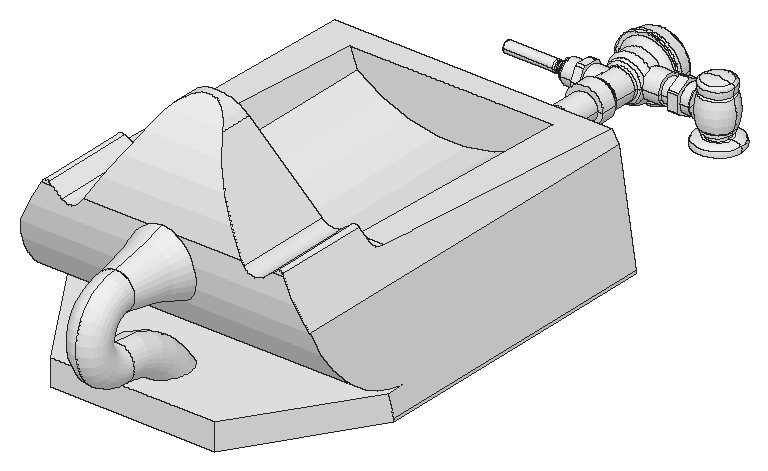
Revit family "r25_MY_Urinal_Wall_Mounted_content", category Plumbing Fixtures, host Face, Revit 2025
Family settings
  Host = Face
  Round Connector Dimension = Use Diameter
  Part Type = Normal
  OmniClass Number = 23.45.05.21.11.21
  OmniClass Title = Urinals
  Enable Cutting in Views = No
  Cut with Voids When Loaded = No
  Maintain Annotation Orientation = No
  Shared = No
  Room Calculation Point = No
Parameters (values of type "Wall Mtd Urinal")
  Width = 18 1/2"  # constant formula
  Waste Water Outlet = "Waste Water Outlet"  # constant formula
  Waste Connection = yes
  Vent Connection = no
  URL = "https://www.us.kohler.com/us/"
  Type = 0
  Top Spud = not(Rear Spud)  # yes
  Rough-In = 0"
  Rear Spud = if(Constraint = 1, 1 = 1, 1 = 0)  # no
  Product data url = "https://bimobject.com/kohler/product/Kohler-K-4991-ET"
  Product Page URL = "http://www.us.kohler.com/us/catalog/productDetails.jsp?productNumber=4991-ET"
  Product Name = "Bardon"  # constant formula
  Product Guid = "a37dd442-7ec9-493e-9fb9-5ecb53e68176"
  Product Documentation Link = "http://www.us.kohler.com/onlinecatalog/pdf/K-4991-ET_spec.pdf"
  Pressure = 0.00 psi
  Model = if(and(Type = 1, Constraint = 1), "K-4991-ER-0", if(and(Type = 1, Constraint = 2), "K-4991-ET-0", if(and(Type = 4, Constraint = 2), "K-4991-ET-96", if(and(Type = 2, Constraint = 2), "K-4991-ET-47", if(and(Type = 3, Constraint = 2), "K-4991-ET-7", "0")))))  # "0"
  Material = "Vitreous China"  # constant formula
  MasterFormat 2004 = "22.41.13"  # constant formula
  MasterFormat 1995 = "15410"  # constant formula
  Manufacturer Address = "444 Highland Dr, Kohler, WI 53044"  # constant formula
  Manufacturer = "KOHLER Co."  # constant formula
  Length = 28 1/4"  # constant formula
  Keynote = "P-9"
  Hot Water Inlet = "Hot Water Inlet"  # constant formula
  Height = 14 3/16"  # constant formula
  HW Connection = no
  Flush Rate = "1 GPF"  # constant formula
  Flow Rate = 0 GPM
  Finish = Vitreous China
  Environmental Product Declaration = ""
  Edition number = 1
  Description = "URINAL ADA COMPLIANT"  # constant formula
  Default Elevation = 24"
  Declare Label = ""
  Date Modified = "11/1/2017"  # constant formula
  Date Created = "11/1/2017"  # constant formula
  Copyright = "Copyright KOHLER Company"  # constant formula
  Contact Us = "https://www.us.kohler.com/us/static/contact.jsp"
  Constraint = 0
  Connection = if(Constraint = 1, 0.00°, 90.00°)  # 90.00°
  Cold Water Inlet = "Cold Water Inlet"  # constant formula
  CW Connection = yes
  Assembly Code = "D2010200"
  ADA Compliant = yes
Types (2): name | Keynote
  Wall Mtd Urinal | "P-9"
  ADA | "P-10"
Reference planes (in)
  plane 1 "Center (Front/Back)": y = 0
  plane 2: z = 0
  plane 3 "Center (Left/Right)": x = 0
  plane 4: z = 14.1875
  plane 5: y = -17.12783
  plane 6: y = 11.12217
  plane 7: x = -9.25
  plane 8: x = 9.25
  plane 9: z = 1.8125
  plane 10: y = 8.12217
  plane 11: y = 8.12217
Lines and regions (in)
  reference lines
    curve 1: line (0, 15.10512, 1.8125) -> (0, 16.91762, 1.8125)
  model lines, style "InvisibleLines"
    curve 2: line (-2.47485, -0.12783, 0) -> (2.77515, -0.12783, 0)
Dimensions and locks (in)
  "Height": plane 4 to plane 2
  "Length": plane 6 to plane 5
  "Width": plane 7 to plane 8
  plane 5 to curve 2 = 17"
  "Connection": angle curve 1 to plane 10
  aligned and locked: plane 2 to host face
  aligned and locked: level to host face
  aligned and locked: plane 9 to curve 1
Automatic sketch dimensions
  host sketch curve to host sketch curve = 96"  (x2)
  curve 2 to plane 3 "Center (Left/Right)" = 2.47485"
  plane 3 "Center (Left/Right)" to curve 2 = 2.77515"
  plane 6 to curve 1 = 3.98295"
Nested families (in)
  nested 1: "K-4991" at (0, 6.98295, 0), type "K-4991"
  nested 2: "R23_WSP_WC_Valve" at (0, 18.11212, 1.8125) x (1, 0, 0) z (0, 1, 0), type "WC_Valve"
Connectors (in)
  piping at (0, 16.91762, 1.8125), diameter 0.75, driven by "CW Connection", driven by "Cold Water Inlet"
    settings: on curve 1, index 1, connector inside diameter 24", connector length 0", flow factor 0, pipe flow 0 GPM, pressure drop 0.00 psi, fitting loss kfactor 0, connector angle 0.00°, fixture units 0, engagement length 0", angle of deflection 0.00°, flow configuration 0, flow direction 1, fitting loss method 0, system type 20, joint type 0, gender type 0, connector reference index -1, connector utility 1, adjustable connector no, is connector primary yes, connector description "Cold Water Inlet"
  piping at (0, -3.48738, 0), diameter 2, driven by "Waste Connection", driven by "Waste Water Outlet"
    settings: on nested 1, index 2, connector inside diameter 24", connector length 0", flow factor 0, pipe flow 0 GPM, pressure drop 0.00 psi, fitting loss kfactor 0, connector angle 0.00°, fixture units 0, engagement length 0", angle of deflection 0.00°, flow configuration 0, flow direction 2, fitting loss method 0, system type 16, joint type 0, gender type 0, connector reference index -1, connector utility 1, adjustable connector no, is connector primary no, connector description "Waste Water Outlet"
Definition of nested family "K-4991"
  Parameters (values of type "K-4991")
    Top Spud Material = none
    Top Spud = yes
    Rear Spud = no
    Finish = none
    Default Elevation = 0"
    Angle = 90.00°
  Reference planes (in)
    plane 1 "Center (Front/Back)": y = 0
    plane 2: z = 0
    plane 3 "Center (Left/Right)": x = 0
  Forms (in)
    Extrusion 1, solid, material <- "Finish"
      sketch origin (0, 0, 0) x (1, 0, 0) y (0, 0, 1)
        loop
          line (-9.21192, 0) -> (9.28808, 0) -> (9.28808, 15.4312) -> (-9.21192, 15.4312) -> (-9.21192, 0)
      from -11.12917 to 13.10029
    Extrusion 2, void
      sketch origin (0, 0, 0) x (1, 0, 0) y (0, 0, 1)
        loop
          arc (-9.21192, 0) -> (-8.79054, 3.12987) -> (-8.19632, 6.23157) r 56.94914
          arc (-8.19632, 6.23157) -> (-7.50331, 7.52288) -> (-6.79763, 8.80731) r 149.10691
          arc (-6.79763, 8.80731) -> (-6.63095, 8.93042) -> (-6.42866, 8.88552) r 0.25
          line (-6.42866, 8.88552) -> (-5.66947, 8.31342)
          arc (-5.66947, 8.31342) -> (-5.08301, 8.17467) -> (-4.58378, 8.51224) r 0.75
          line (-4.58378, 8.51224) -> (-1.57012, 13.28941)
          arc (-1.57012, 13.28941) -> (0.04688, 14.1812) -> (1.66387, 13.28941) r 1.91186
          line (1.66387, 13.28941) -> (4.67753, 8.51224)
          arc (4.67753, 8.51224) -> (5.17676, 8.17467) -> (5.76322, 8.31342) r 0.75
          line (5.76322, 8.31342) -> (6.56225, 8.91554)
          arc (6.56225, 8.91554) -> (6.72938, 8.95265) -> (6.8671, 8.85097) r 0.20658
          arc (6.8671, 8.85097) -> (7.58513, 7.54483) -> (8.29007, 6.23157) r 149.10691
          arc (8.29007, 6.23157) -> (8.87106, 3.21073) -> (9.28808, 0.16293) r 56.94914
          line (9.28808, 0.16293) -> (9.28808, 15.26946) -> (-9.21192, 15.26946) -> (-9.21192, 0)
      from -11.50917 to 13.5253
    Extrusion 3, void
      sketch origin (0, 0, 0) x (0, 1, 0) y (0, 0, 1)
        loop
          line (11.12917, 6.93556) -> (11.12917, 14.1812) -> (11.12917, 15.4312) -> (-14.40221, 15.4312) -> (-14.40221, 1.51946) -> (-5.3086, 1.51946)
          arc (-5.3086, 1.51946) -> (-9.63132, 3.94848) -> (-10.95551, 8.72682) r 6.45426
          arc (-10.95551, 8.72682) -> (-9.8337, 11.87211) -> (-7.4853, 14.24619) r 7.6964
          arc (-7.4853, 14.24619) -> (-7.26329, 14.27051) -> (-7.11043, 14.10768) r 0.25
          line (-7.11043, 14.10768) -> (-5.3683, 8.28549)
          arc (-5.3683, 8.28549) -> (-5.05632, 7.87023) -> (-4.54937, 7.75724) r 0.75
          line (-4.54937, 7.75724) -> (11.12917, 6.93556)
      from -13.08037 to 12
    Extrusion 4, void
      sketch origin (-0.3125, 11.12917, 0) x (1, 0, 0) y (0, 0, 1)
        loop
          line (5.67968, 5.91122) -> (6.28377, 7.57094)
          arc (6.28377, 7.57094) -> (6.25363, 7.79984) -> (6.04885, 7.90645) r 0.25
          line (6.04885, 7.90645) -> (4.86215, 7.90645)
          arc (4.86215, 7.90645) -> (4.3019, 8.05657) -> (3.89177, 8.4667) r 1.1205
          line (3.89177, 8.4667) -> (1.92409, 11.87483) -> (-0.64713, 11.87483) -> (-3.28204, 8.37178)
          arc (-3.28204, 8.37178) -> (-3.67731, 8.0426) -> (-4.17798, 7.92459) r 1.12109
          line (-4.17798, 7.92459) -> (-5.44609, 7.92459)
          arc (-5.44609, 7.92459) -> (-5.65088, 7.81799) -> (-5.68102, 7.58909) r 0.25
          line (-5.68102, 7.58909) -> (-5.07032, 5.91122)
          arc (-5.07032, 5.91122) -> (0.30468, 4.11539) -> (5.67968, 5.91122) r 8.94175
      from 1.47527 to 18.80036
    Extrusion 5, void
      sketch origin (0, -6.47724, 1.51946) x (1, 0, 0) y (0, -1, 0)
        loop
          line (-10.52804, -2.48114) -> (-4.61571, 6.62304) -> (4.70946, 6.62304) -> (10.99022, -3.04848) -> (11.72057, -3.04848) -> (11.72057, 8.81961) -> (-11.27943, 8.81961) -> (-11.27943, -2.48114) -> (-10.52804, -2.48114)
      from 0 to 4.43631
    Revolve 6, solid, material <- "Finish"
      sketch origin (0, 0, 0) x (0, 1, 0) y (0, 0, 1)
        loop
          line (-9.90635, 7.04878) -> (-9.90635, 9.29767)
          arc (-9.90635, 9.29767) -> (-12.02585, 8.53798) -> (-14.23427, 8.09946) r 15.21172
          line (-14.23427, 8.09946) -> (-14.23427, 7.04878) -> (-9.90635, 7.04878)
        axis (-9.90635, 7.04878) -> (-14.23427, 7.04878)
      angle from 0 to 360
    Sweep 7, solid, material <- "Finish"
      path origin (0, 0, 0) x (0, 1, 0) y (0, 0, 1)
        loop
          arc (-14.23427, 7.04878) -> (-16.05817, 5.22488) -> (-14.23427, 3.40097) r 1.8239
          arc (-14.23427, 3.40097) -> (-11.61411, 2.64076) -> (-9.80772, 0.59623) r 4.89545
      profile origin (0, -16.05817, 5.22488) x (1, 0, 0) y (0, 1, 0)
        loop
          circle (0, 0) r 1.05078
    Extrusion 8, solid, material <- "Finish"
      sketch origin (0, 0, 0) x (1, 0, 0) y (0, 1, 0)
        loop
          circle (0, -10.47033) r 1
      from 0 to 0.16293
    Revolve 9, solid, material <- "Top Spud Material", visible <- "Top Spud"
      sketch origin (0, 0, 1.87145) x (1, 0, 0) y (0, 1, 0)
        loop
          line (-1.24916, 11.12917) -> (0, 11.12917) -> (0, 12.17339) -> (-0.74749, 12.17339) -> (-0.74749, 11.79492)
          arc (-0.74749, 11.79492) -> (-1.09107, 11.53193) -> (-1.24916, 11.12917) r 0.80604
        axis (0, 12.17339) -> (0, 11.12917)
      angle from 0 to 360
  Cuts and joins
    Extrusion 2, Extrusion 3, Extrusion 4, Extrusion 5 cuts Extrusion 1
    joined: Extrusion 1, Sweep 7
  Lines and regions (in)
    Masking region 1
      outline origin (0, 0, 0) x (1, 0, 0) y (0, 1, 0)
        loop
          line (-9.21192, 11.12917) -> (-9.21192, -6.79685)
          arc (-9.21192, -6.79685) -> (-9.0031, -8.86367) -> (-8.19624, -10.7779) r 6.99181
          spline (-8.19624, -10.7779) -> (-8.13133, -10.80972) -> (-8.06606, -10.83917) -> (-8.00044, -10.86624) -> (-7.9345, -10.89092) -> (-7.86826, -10.91321) -> (-7.80172, -10.93309) -> (-7.73492, -10.95057) -> (-7.66787, -10.96564) -> (-7.60059, -10.97829) -> (-7.53311, -10.98852) -> (-7.46543, -10.99632) -> (-7.39759, -11.00171)
          line (-7.39759, -11.00171) -> (-6.08516, -11.00171) -> (-4.61571, -13.10029) -> (-1.21192, -13.10029) -> (-1.05068, -14.23427) -> (-1.05068, -16.23427)
          arc (-1.05068, -16.23427) -> (0, -17.08899) -> (1.05068, -16.23427) r 1.07315
          line (1.05068, -16.23427) -> (1.05068, -14.23427) -> (1.23744, -13.10029) -> (4.70946, -13.10029) -> (6.07245, -11.00147) -> (7.49514, -11.00147)
          spline (7.49514, -11.00147) -> (7.56269, -10.99599) -> (7.63006, -10.9881) -> (7.69725, -10.97781) -> (7.76422, -10.96512) -> (7.83096, -10.95004) -> (7.89745, -10.93257) -> (7.96368, -10.91271) -> (8.02961, -10.89047) -> (8.09524, -10.86586) -> (8.16054, -10.83888) -> (8.22549, -10.80954) -> (8.29008, -10.77785)
          arc (8.29008, -10.77785) -> (9.08181, -8.86074) -> (9.28808, -6.79685) r 7.12777
          line (9.28808, -6.79685) -> (9.28808, 11.12917) -> (-9.21192, 11.12917)
    Masking region 2
      outline origin (0, 0, 0) x (1, 0, 0) y (0, 0, 1)
        loop
          arc (8.29007, 6.23157) -> (7.58513, 7.54483) -> (6.8671, 8.85097) r 149.10691
          arc (6.8671, 8.85097) -> (6.72938, 8.95265) -> (6.56225, 8.91554) r 0.20658
          line (6.56225, 8.91554) -> (5.76322, 8.31342)
          arc (5.76322, 8.31342) -> (5.17676, 8.17467) -> (4.67753, 8.51224) r 0.75
          line (4.67753, 8.51224) -> (1.66387, 13.28941)
          arc (1.66387, 13.28941) -> (0.04688, 14.1812) -> (-1.57012, 13.28941) r 1.91186
          line (-1.57012, 13.28941) -> (-4.58378, 8.51224)
          arc (-4.58378, 8.51224) -> (-5.08301, 8.17467) -> (-5.66947, 8.31342) r 0.75
          line (-5.66947, 8.31342) -> (-6.42866, 8.88552)
          arc (-6.42866, 8.88552) -> (-6.63095, 8.93042) -> (-6.79763, 8.80731) r 0.25
          arc (-6.79763, 8.80731) -> (-7.50331, 7.52288) -> (-8.19632, 6.23157) r 149.10691
          arc (-8.19632, 6.23157) -> (-8.79054, 3.12987) -> (-9.21192, 0) r 56.94914
          line (-9.21192, 0) -> (9.30567, 0)
          arc (9.30567, 0) -> (8.88429, 3.12987) -> (8.29007, 6.23157) r 56.94914
    Masking region 3, visible <- "Top Spud"
      outline origin (0, 0, 0) x (1, 0, 0) y (0, 1, 0)
        loop
          line (-0.74749, 12.17339) -> (-0.74749, 11.79492)
          arc (-0.74749, 11.79492) -> (-1.09575, 11.53546) -> (-1.24916, 11.12917) r 0.77301
          line (-1.24916, 11.12917) -> (1.24916, 11.12917)
          arc (1.24916, 11.12917) -> (1.09575, 11.53546) -> (0.74749, 11.79492) r 0.77301
          line (0.74749, 11.79492) -> (0.74749, 12.17339) -> (-0.74749, 12.17339)
    Masking region 4
      outline origin (0, 0, 0) x (0, 1, 0) y (0, 0, 1)
        loop
          line (11.12917, 0) -> (11.12917, 6.93556) -> (-4.69299, 7.76477)
          arc (-4.69299, 7.76477) -> (-5.11725, 7.92411) -> (-5.37226, 8.29874) r 0.75
          line (-5.37226, 8.29874) -> (-7.13579, 14.19242) -> (-7.56764, 14.19242)
          arc (-7.56764, 14.19242) -> (-9.81716, 11.8983) -> (-10.93404, 8.88567) r 7.6964
          arc (-10.93404, 8.88567) -> (-12.56156, 8.39772) -> (-14.23427, 8.09946) r 14.80522
          arc (-14.23427, 8.09946) -> (-17.10084, 5.17399) -> (-14.13392, 2.35034) r 2.87531
          arc (-14.13392, 2.35034) -> (-12.92583, 2.11318) -> (-11.8473, 1.51946) r 3.9954
          line (-11.8473, 1.51946) -> (-13.10029, 1.51946) -> (-13.10029, 0) -> (11.12917, 0)
        loop
          line (-9.10847, 1.51946) -> (-5.3086, 1.51946)
          arc (-5.3086, 1.51946) -> (-8.22287, 2.62021) -> (-10.26864, 4.96957) r 6.38059
          arc (-10.26864, 4.96957) -> (-12.21578, 5.62138) -> (-14.23427, 5.9981) r 14.8358
          arc (-14.23427, 5.9981) -> (-15.01681, 5.20917) -> (-14.19803, 4.45793) r 0.77088
          arc (-14.19803, 4.45793) -> (-11.26323, 3.66424) -> (-9.10847, 1.51946) r 5.92465
    Masking region 5, visible <- "Top Spud"
      outline origin (0, 0, 0) x (0, 1, 0) y (0, 0, 1)
        loop
          line (12.17339, 2.61894) -> (11.79492, 2.61894)
          arc (11.79492, 2.61894) -> (11.5392, 2.97074) -> (11.12917, 3.11578) r 0.73321
          line (11.12917, 3.11578) -> (11.12917, 0.62712)
          arc (11.12917, 0.62712) -> (11.5392, 0.77217) -> (11.79492, 1.12397) r 0.73321
          line (11.79492, 1.12397) -> (12.17339, 1.12397) -> (12.17339, 2.61894)
    symbolic lines, detail levels medium+fine
      curve 1: arc (-1.83168, -11.00171, 0) -> (-1.47647, -12.03761, 0) -> (-1.21192, -13.10029, 0) r 12.68547
      curve 2: arc (1.23744, -13.10029, 0) -> (1.47766, -12.03374, 0) -> (1.83842, -11.00171, 0) r 9.53221
      curve 3: line (-6.08516, -11.00171, 0) -> (5.91484, -11.00171, 0)
      curve 4: line (-7.37634, -4.52922, 0) -> (-7.82053, 11.12917, 0)
      curve 5: spline (-7.10958, -5.35621, 0) -> (-7.14009, -5.32626, 0) -> (-7.16971, -5.28793, 0) -> (-7.19825, -5.24149, 0) -> (-7.22549, -5.18726, 0) -> (-7.25125, -5.12563, 0) -> (-7.27534, -5.05704, 0) -> (-7.29759, -4.98196, 0) -> (-7.31785, -4.90093, 0) -> (-7.33598, -4.81451, 0) -> (-7.35184, -4.72332, 0) -> (-7.36532, -4.628, 0) -> (-7.37634, -4.52922, 0)
      curve 6: spline (-6.796, -5.52588, 0) -> (-6.82223, -5.51176, 0) -> (-6.84844, -5.49763, 0) -> (-6.87463, -5.4835, 0) -> (-6.90081, -5.46937, 0) -> (-6.92696, -5.45523, 0) -> (-6.9531, -5.44109, 0) -> (-6.97923, -5.42695, 0) -> (-7.00533, -5.41281, 0) -> (-7.03142, -5.39866, 0) -> (-7.05749, -5.38451, 0) -> (-7.08354, -5.37036, 0) -> (-7.10958, -5.35621, 0)
      curve 7: spline (-6.43648, -5.5496, 0) -> (-6.46616, -5.55471, 0) -> (-6.49811, -5.55859, 0) -> (-6.5317, -5.56116, 0) -> (-6.56625, -5.56237, 0) -> (-6.60106, -5.56219, 0) -> (-6.63543, -5.56064, 0) -> (-6.66867, -5.55773, 0) -> (-6.70011, -5.55354, 0) -> (-6.72912, -5.54814, 0) -> (-6.75511, -5.54163, 0) -> (-6.77755, -5.53417, 0) -> (-6.796, -5.52588, 0)
      curve 8: line (-5.62965, -5.36837, 0) -> (-6.43648, -5.5496, 0)
      curve 9: spline (-4.80933, -5.36773, 0) -> (-4.87093, -5.35503, 0) -> (-4.9362, -5.34446, 0) -> (-5.00446, -5.33613, 0) -> (-5.07498, -5.33014, 0) -> (-5.14701, -5.32654, 0) -> (-5.2198, -5.32537, 0) -> (-5.29257, -5.32665, 0) -> (-5.36455, -5.33036, 0) -> (-5.43498, -5.33647, 0) -> (-5.50312, -5.3449, 0) -> (-5.56824, -5.35557, 0) -> (-5.62965, -5.36837, 0)
      curve 10: line (-1.57012, -6.86559, 0) -> (-4.58378, -5.43615, 0)
      curve 11: spline (-4.58378, -5.43615, 0) -> (-4.59842, -5.42945, 0) -> (-4.61389, -5.4229, 0) -> (-4.63017, -5.41652, 0) -> (-4.64724, -5.41031, 0) -> (-4.66508, -5.40428, 0) -> (-4.68365, -5.39844, 0) -> (-4.70295, -5.3928, 0) -> (-4.72294, -5.38735, 0) -> (-4.7436, -5.38211, 0) -> (-4.76491, -5.37709, 0) -> (-4.78682, -5.3723, 0) -> (-4.80933, -5.36773, 0)
      curve 12: spline (0.56861, -7.11078, 0) -> (0.48372, -7.12002, 0) -> (0.39771, -7.12762, 0) -> (0.31079, -7.13355, 0) -> (0.2232, -7.1378, 0) -> (0.13515, -7.14035, 0) -> (0.04688, -7.1412, 0) -> (-0.04139, -7.14035, 0) -> (-0.12944, -7.1378, 0) -> (-0.21703, -7.13355, 0) -> (-0.30395, -7.12762, 0) -> (-0.38996, -7.12002, 0) -> (-0.47485, -7.11078, 0)
      curve 13: spline (1.66372, -6.86556, 0) -> (1.59992, -6.89418, 0) -> (1.5301, -6.92161, 0) -> (1.45451, -6.94776, 0) -> (1.37346, -6.97252, 0) -> (1.28723, -6.99581, 0) -> (1.19616, -7.01753, 0) -> (1.1006, -7.0376, 0) -> (1.00091, -7.05594, 0) -> (0.89747, -7.07249, 0) -> (0.79066, -7.08718, 0) -> (0.68091, -7.09996, 0) -> (0.56861, -7.11078, 0)
      curve 14: line (4.74341, -5.4049, 0) -> (1.66387, -6.86559, 0)
      curve 15: spline (5.7234, -5.36837, 0) -> (5.66199, -5.35557, 0) -> (5.59687, -5.3449, 0) -> (5.52873, -5.33647, 0) -> (5.4583, -5.33036, 0) -> (5.38631, -5.32665, 0) -> (5.31354, -5.32537, 0) -> (5.24075, -5.32654, 0) -> (5.16872, -5.33014, 0) -> (5.0982, -5.33613, 0) -> (5.02994, -5.34446, 0) -> (4.96466, -5.35503, 0) -> (4.90307, -5.36773, 0)
      curve 16: line (6.56871, -5.55828, 0) -> (5.7234, -5.36837, 0)
      curve 17: spline (6.86481, -5.5387, 0) -> (6.84957, -5.5456, 0) -> (6.83104, -5.55183, 0) -> (6.8096, -5.55724, 0) -> (6.78569, -5.56174, 0) -> (6.75977, -5.56522, 0) -> (6.73239, -5.56763, 0) -> (6.70408, -5.56891, 0) -> (6.67542, -5.56903, 0) -> (6.64699, -5.568, 0) -> (6.61936, -5.56583, 0) -> (6.59309, -5.56257, 0) -> (6.56871, -5.55828, 0)
      curve 18: spline (7.20183, -5.35642, 0) -> (7.17386, -5.37163, 0) -> (7.14586, -5.38683, 0) -> (7.11785, -5.40203, 0) -> (7.08981, -5.41723, 0) -> (7.06176, -5.43242, 0) -> (7.03368, -5.44761, 0) -> (7.00559, -5.4628, 0) -> (6.97747, -5.47799, 0) -> (6.94934, -5.49317, 0) -> (6.92118, -5.50835, 0) -> (6.89301, -5.52352, 0) -> (6.86481, -5.5387, 0)
      curve 19: spline (7.4701, -4.52884, 0) -> (7.47308, -4.61944, 0) -> (7.47081, -4.71013, 0) -> (7.46332, -4.79961, 0) -> (7.45073, -4.88658, 0) -> (7.43321, -4.96977, 0) -> (7.41102, -5.04799, 0) -> (7.38448, -5.1201, 0) -> (7.35397, -5.18506, 0) -> (7.31994, -5.24193, 0) -> (7.28288, -5.28988, 0) -> (7.24332, -5.32823, 0) -> (7.20183, -5.35642, 0)
      curve 20: line (7.91428, 11.12917, 0) -> (7.4701, -4.52884, 0)
      curve 21: spline (-0.47485, -7.11078, 0) -> (-0.58715, -7.09996, 0) -> (-0.6969, -7.08718, 0) -> (-0.80371, -7.07249, 0) -> (-0.90715, -7.05594, 0) -> (-1.00685, -7.0376, 0) -> (-1.10241, -7.01753, 0) -> (-1.19348, -6.99581, 0) -> (-1.2797, -6.97252, 0) -> (-1.36076, -6.94776, 0) -> (-1.43635, -6.92161, 0) -> (-1.50617, -6.89418, 0) -> (-1.56997, -6.86556, 0)
      curve 22: spline (4.90307, -5.36773, 0) -> (4.88056, -5.3723, 0) -> (4.85865, -5.3771, 0) -> (4.83734, -5.38212, 0) -> (4.81669, -5.38735, 0) -> (4.79669, -5.3928, 0) -> (4.7774, -5.39844, 0) -> (4.75882, -5.40429, 0) -> (4.74099, -5.41031, 0) -> (4.72392, -5.41652, 0) -> (4.70764, -5.4229, 0) -> (4.69217, -5.42945, 0) -> (4.67753, -5.43615, 0)
      curve 23: line (-5.38282, 9.65391, 0) -> (5.36718, 9.65391, 0)
      curve 24: line (5.36718, 9.65391, 0) -> (5.36112, -5.3086, 0)
      curve 25: line (-5.38282, -5.3086, 0) -> (-5.38282, 9.65391, 0)
      curve 38: arc (0, -10.92318, 8.95705) -> (0, -10.92181, 6.90981) -> (0, -10.26864, 4.96957) r 6.3451
      curve 39: line (0, -9.10847, 1.51946) -> (0, -11.8473, 1.51946)
      curve 40: arc (-1, 0, 1.86782) -> (0, 0, 0.86782) -> (1, 0, 1.86782) r 1
      curve 41: arc (1, 0, 1.86782) -> (0, 0, 2.86782) -> (-1, 0, 1.86782) r 1
    symbolic lines
      curve 26: line (3.57927, 0, 8.4667) -> (1.61159, 0, 11.87483)
      curve 27: arc (4.54965, 0, 7.90645) -> (3.9894, 0, 8.05657) -> (3.57927, 0, 8.4667) r 1.1205
      curve 28: line (5.73635, 0, 7.90645) -> (4.54965, 0, 7.90645)
      curve 29: line (5.36718, 0, 5.91122) -> (5.97127, 0, 7.57094)
      curve 30: arc (5.97127, 0, 7.57094) -> (5.94113, 0, 7.79984) -> (5.73635, 0, 7.90645) r 0.25
      curve 31: arc (-5.38282, 0, 5.91122) -> (-0.00782, 0, 4.11539) -> (5.36718, 0, 5.91122) r 8.94175
      curve 32: line (-5.99352, 0, 7.58909) -> (-5.38282, 0, 5.91122)
      curve 33: arc (-5.75859, 0, 7.92459) -> (-5.96338, 0, 7.81799) -> (-5.99352, 0, 7.58909) r 0.25
      curve 34: line (-4.49048, 0, 7.92459) -> (-5.75859, 0, 7.92459)
      curve 35: arc (-3.59454, 0, 8.37178) -> (-3.98981, 0, 8.0426) -> (-4.49048, 0, 7.92459) r 1.12109
      curve 36: line (-0.95963, 0, 11.87483) -> (-3.59454, 0, 8.37178)
      curve 37: line (1.61159, 0, 11.87483) -> (-0.95963, 0, 11.87483)
    symbolic lines, visible <- "Top Spud", detail levels medium+fine
      curve 42: line (-0.74749, 11.79492, 0) -> (0.74749, 11.79492, 0)
      curve 43: line (0, 11.79492, 2.61894) -> (0, 11.79492, 1.12397)
  Dimensions and locks (in)
    aligned and locked: plane 2 to level
Definition of nested family "R23_WSP_WC_Valve"
  Parameters (values of type "WC_Valve")
    YO- Bumper on Angle Stop = yes
    YG - Extended Bumber on Angle Stop = no
    Waste Connection = no
    Warranty = "3 Year (Limited)"
    Vent Connection = no
    Valve Body, Tailpiece and Control = ""
    US List Price = "0.00"
    URL = "www.sloanvalve.com"
    TP Trap Primer = no
    Spud Location = "Exposed Top"
    Specifications = "'UPPERCUT' Water Saving Dual Flush Flushometer, \r\nC.P. low consumption, down 6 LPF / up 4.2 LPF (1.6 GPF/1.06 GPF) factory set flow, quiet action 'PERMEX' diaphragm type, dual filtered by-pass with non-hold open feature, high pressure vacuum breaker and V.P. smooth cap on back-check angle stop and triple seal anti-microbial green lever handle. "
    Satin Chrome Finish = no
    SG- SaniGuard Antimicrobial Handle and Socket = no
    Product URL = "http://www.sloanvalve.com/Specifications/WES-111_Dual_Flush_Flushometer.pdf"
    Polished Chrome Finish = yes
    Polished Brass Finish = no
    Operation = "Manual"
    Mounting = "Exposed"
    Model = "WES-111"
    Manufacturer = "Sloan Valve Company"
    Inlet Spud Size = "1 1/2\" I.P.S"
    HW Connection = no
    HL-3 , 3 " Metal Push Button = no
    Gold Plate Finish = no
    Flush Cycle Water Usage = "1.6 gpf/ 6 Lpf"
    Flush Choice = "Dual Flush"
    Description = "'UPPERCUT' Water Saving Dual Flush Flushometer, \r\nC.P. low consumption, down 6 LPF / up 4.2 LPF (1.6 GPF/1.06 GPF) factory set flow, quiet action PERMEX diaphragm type, dual filtered by-pass with non-hold open feature, high pressure vacuum breaker and extended seat bumper on back-check angle stop and triple seal anti-microbial green lever handle. "
    Default Elevation = 48"
    Cost = 0
    CW Connection = yes
    CL of Valve to Finish Wall = "2 1/4\" MIN."
    CL Supply to CL of Valve = "4 3/4\""
    CL Supply Above Top of Fixture = "11 1/2\""
    CAN List Price = 0
    Brushed Nickel Finish = no
    Assembly Code = ""
    ADA Compliant = yes
  Reference planes (in)
    plane 1 "Center (Front/Back)": y = 0
    plane 2: z = 0
    plane 3 "Center (Left/Right)": x = 0
  Forms (in)
    Revolve 1, solid
      sketch origin (0, 0, 0.02521) x (1, 0, 0) y (0, 0, 1)
        loop
          line (0, -0.08884) -> (0.63253, -0.08884) -> (0.63253, 5.66116)
          arc (0.63253, 5.66116) -> (0.64527, 5.75795) -> (0.68263, 5.84813) r 0.37393
          arc (0.68263, 5.84813) -> (0.73935, 5.9836) -> (0.76017, 6.12898) r 0.57928
          line (0.76017, 6.12898) -> (0.76017, 8.39163) -> (0, 8.39163) -> (0, -0.08884)
        axis (0, -0.08884) -> (0, 8.39163)
      angle from 0 to 360
    Revolve 2, solid
      sketch origin (0, 0, 0.02521) x (1, 0, 0) y (0, 0, 1)
        loop
          line (0.00753, -0.01009) -> (1.50753, -0.01009) -> (1.50753, 0.27288) -> (1.35113, 1.00869)
          arc (1.35113, 1.00869) -> (1.32943, 1.05168) -> (1.28934, 1.07836) r 0.09434
          line (1.28934, 1.07836) -> (1.03322, 1.11435) -> (0.00753, 1.11435) -> (0.00753, -0.01009)
        axis (0.00753, -0.01009) -> (0.00753, 1.11435)
      angle from 0 to 360
    Extrusion 3, solid
      sketch origin (0, 2.25, 0.02521) x (1, 0, 0) y (0, 1, 0)
        loop
          line (-0.86747, -2.23806) -> (-0.86747, -2.58153) -> (-0.72743, -2.82409) -> (-0.13251, -3.16757) -> (0.14757, -3.16757) -> (0.74249, -2.82409) -> (0.88253, -2.58153) -> (0.88253, -2.23806) -> (0.88253, -1.91847) -> (0.74249, -1.67591) -> (0.14757, -1.33243) -> (-0.13251, -1.33243) -> (-0.72743, -1.67591) -> (-0.86747, -1.91847) -> (-0.86747, -2.23806)
      from 1.11491 to 1.35621
    Revolve 4, solid
      sketch origin (0, 0, 0.02521) x (1, 0, 0) y (0, 0, 1)
        loop
          line (0, 7.89991) -> (1.06253, 7.89991) -> (1.06253, 8.80193) -> (0.98454, 8.87991) -> (0.94251, 8.87991) -> (0.94251, 8.97447)
          arc (0.94251, 8.97447) -> (0.88314, 9.02646) -> (0.86388, 9.10299) r 0.13248
          line (0.86388, 9.10299) -> (0, 9.10299) -> (0, 7.89991)
        axis (0, 7.89991) -> (0, 9.10299)
      angle from 0 to 360
    Revolve 5, solid
      sketch origin (0, 0, 0.02521) x (1, 0, 0) y (0, 0, 1)
        loop
          line (0.00561, 9.10299) -> (0.86388, 9.10299) -> (0.86388, 10.3988)
          arc (0.86388, 10.3988) -> (0.87041, 10.47268) -> (0.88982, 10.54427) r 0.42078
          arc (0.88982, 10.54427) -> (0.95721, 10.62225) -> (1.04537, 10.67565) r 0.3301
          arc (1.04537, 10.67565) -> (1.09998, 10.77374) -> (1.112, 10.88537) r 0.28213
          line (1.112, 10.88537) -> (0.00561, 10.88537) -> (0.00561, 10.67565) -> (0.00561, 9.10299)
        axis (0.00561, 9.10299) -> (0.00561, 10.88537)
      angle from 0 to 360
    Revolve 6, solid
      sketch origin (0, 0, 0.02521) x (1, 0, 0) y (0, 0, 1)
        loop
          line (0.00561, 10.88528) -> (1.1129, 10.88528)
          arc (1.1129, 10.88528) -> (1.23956, 11.05734) -> (1.27535, 11.26797) r 0.46243
          line (1.27535, 11.26797) -> (1.27535, 11.89258)
          arc (1.27535, 11.89258) -> (1.39768, 12.17964) -> (1.66499, 12.3406) r 0.50671
          line (1.66499, 12.3406) -> (0.00561, 12.3406) -> (0.00561, 10.88528)
        axis (0.00561, 10.88528) -> (0.00561, 12.3406)
      angle from 0 to 360
    Revolve 7, solid
      sketch origin (0, 0, 0.02521) x (1, 0, 0) y (0, 0, 1)
        loop
          line (0, 12.32585) -> (1.78337, 12.32585)
          arc (1.78337, 12.32585) -> (1.82371, 12.34174) -> (1.84238, 12.38087) r 0.05915
          line (1.84238, 12.38087) -> (1.84238, 12.57836) -> (1.68291, 13.3286)
          arc (1.68291, 13.3286) -> (1.65195, 13.36845) -> (1.60556, 13.38833) r 0.10095
          line (1.60556, 13.38833) -> (0.96184, 13.48717) -> (0, 13.48717) -> (0, 12.32585)
        axis (0, 12.32585) -> (0, 13.48717)
      angle from 0 to 360
    Revolve 8, solid
      sketch origin (0, 0, 0.02521) x (1, 0, 0) y (0, 0, 1)
        loop
          line (-0.25799, 10.01931) -> (-0.25799, 10.78663) -> (-1.28126, 10.78663) -> (-1.28126, 10.67977) -> (-2.48483, 10.67977) -> (-2.56747, 10.64142) -> (-2.56747, 10.58381) -> (-2.64223, 10.58381)
          arc (-2.64223, 10.58381) -> (-2.69474, 10.5608) -> (-2.7134, 10.50661) r 0.07141
          line (-2.7134, 10.50661) -> (-2.7134, 10.44969)
          arc (-2.7134, 10.44969) -> (-2.7222, 10.43552) -> (-2.73765, 10.42922) r 0.027
          arc (-2.73765, 10.42922) -> (-2.78245, 10.41721) -> (-2.82615, 10.40165) r 0.57921
          arc (-2.82615, 10.40165) -> (-2.89678, 10.36755) -> (-2.96215, 10.32422) r 0.57921
          arc (-2.96215, 10.32422) -> (-2.98969, 10.3051) -> (-3.02134, 10.29407) r 0.12388
          line (-3.02134, 10.29407) -> (-3.1224, 10.29407)
          arc (-3.1224, 10.29407) -> (-3.13851, 10.29519) -> (-3.15387, 10.30019) r 0.0661
          arc (-3.15387, 10.30019) -> (-3.18973, 10.31965) -> (-3.22997, 10.32639) r 0.1236
          line (-3.22997, 10.32639) -> (-6.01793, 10.32639)
          arc (-6.01793, 10.32639) -> (-6.05847, 10.31604) -> (-6.08544, 10.28404) r 0.06849
          arc (-6.08544, 10.28404) -> (-6.12067, 10.15401) -> (-6.12264, 10.01931) r 0.54041
          line (-6.12264, 10.01931) -> (-0.25799, 10.01931)
        axis (-0.25799, 10.01931) -> (-6.12264, 10.01931)
      angle from 0 to 360
    Extrusion 9, solid
      sketch origin (0, 2.23438, 0.02521) x (0, 1, 0) y (0, 0, 1)
        loop
          line (-1.41006, 10.40697) -> (-1.48886, 10.54346) -> (-2.15926, 10.93051) -> (-2.31686, 10.93051) -> (-2.98726, 10.54346) -> (-3.06606, 10.40697) -> (-3.06606, 9.63286) -> (-2.98726, 9.49637) -> (-2.31686, 9.10932) -> (-2.15926, 9.10932) -> (-1.48886, 9.49637) -> (-1.41006, 9.63286) -> (-1.41006, 10.40697)
      from -1.74187 to -1.28126
    Extrusion 10, solid
      sketch origin (0, 2.25, 0.02521) x (1, 0, 0) y (0, 1, 0)
        loop
          line (0.88253, -2.25) -> (0.88253, -1.91847) -> (0.74249, -1.67591) -> (0.14757, -1.33243) -> (-0.13251, -1.33243) -> (-0.72743, -1.67591) -> (-0.86747, -1.91847) -> (-0.86747, -2.25) -> (-0.86747, -2.58153) -> (-0.72743, -2.82409) -> (-0.13251, -3.16757) -> (0.14757, -3.16757) -> (0.74249, -2.82409) -> (0.88253, -2.58153) -> (0.88253, -2.25)
      from 13.484 to 13.73695
    Revolve 11, solid
      sketch origin (0, 0, 0.02521) x (1, 0, 0) y (0, 0, 1)
        loop
          line (0.62531, 11.48891) -> (3.75404, 11.48891) -> (3.75404, 12.28199)
          arc (3.75404, 12.28199) -> (3.72161, 12.25819) -> (3.68244, 12.24896) r 0.10081
          line (3.68244, 12.24896) -> (3.18606, 12.24896)
          arc (3.18606, 12.24896) -> (3.13046, 12.25491) -> (3.08319, 12.28478) r 0.12343
          line (3.08319, 12.28478) -> (3.08319, 12.14512) -> (2.59778, 12.14512) -> (2.00753, 12.14512) -> (2.00753, 12.28863) -> (0.62531, 12.28863) -> (0.62531, 11.48891)
        axis (3.75404, 11.48891) -> (0.62531, 11.48891)
      angle from 0 to 360
    Revolve 12, solid
      sketch origin (0, 2.2491, 11.50749) x (1, 0, 0) y (0, 1, 0)
        loop
          line (4.73198, -3.18309) -> (4.73198, -3.8744)
          arc (4.73198, -3.8744) -> (5.13926, -3.85351) -> (5.53651, -3.76133) r 2.31021
          arc (5.53651, -3.76133) -> (5.63828, -3.68368) -> (5.66974, -3.5596) r 0.19447
          arc (5.66974, -3.5596) -> (5.66663, -3.37018) -> (5.63687, -3.18309) r 1.34128
          line (5.63687, -3.18309) -> (5.55975, -3.18309)
          arc (5.55975, -3.18309) -> (5.58898, -3.09571) -> (5.66157, -3.03897) r 0.15989
          arc (5.66157, -3.03897) -> (5.80353, -2.23149) -> (5.66254, -1.42383) r 2.37562
          arc (5.66254, -1.42383) -> (5.59514, -1.39591) -> (5.56722, -1.32851) r 0.09532
          line (5.56722, -1.32851) -> (5.56722, -1.17471) -> (4.73198, -1.17471) -> (4.73198, -3.18309)
        axis (4.73198, -3.8744) -> (4.73198, -1.17471)
      angle from 0 to 360
    Revolve 13, solid
      sketch origin (0, 1.98537, 11.5406) x (1, 0, 0) y (0, 1, 0)
        loop
          line (4.71058, -2.01752) -> (5.33558, -2.01752) -> (5.33558, -0.18934) -> (4.71058, -0.18934) -> (4.71058, -2.01752)
        axis (4.71058, -2.01752) -> (4.71058, -0.18934)
      angle from 0 to 360
    Revolve 14, solid
      sketch origin (0, 1.78225, 11.5406) x (1, 0, 0) y (0, 1, 0)
        loop
          line (6.07514, 0.0291) -> (4.75, 0.0291) -> (4.75, -0.41428) -> (5.5315, -0.41428)
          arc (5.5315, -0.41428) -> (5.79443, -0.36557) -> (6.03444, -0.24767) r 0.9809
          arc (6.03444, -0.24767) -> (6.07044, -0.11159) -> (6.07514, 0.0291) r 0.6261
        axis (4.75, -0.41428) -> (4.75, 0.0291)
      angle from 0 to 360
    Extrusion 15, solid
      sketch origin (0, 2.23746, 0.02521) x (0, 1, 0) y (0, 0, 1)
        loop
          line (-2.68766, 12.36491) -> (-2.7694, 12.31961) -> (-3.22181, 11.53602) -> (-3.22181, 11.44381) -> (-2.77022, 10.66165) -> (-2.68927, 10.61491) -> (-1.78595, 10.61491) -> (-1.70634, 10.66088) -> (-1.25311, 11.4459) -> (-1.25311, 11.53393) -> (-1.70629, 12.31886) -> (-1.78606, 12.36491) -> (-2.68766, 12.36491)
      from 2.59778 to 3.15136
  Cuts and joins
    joined: Revolve 1, Revolve 2, Revolve 4, Revolve 5, Revolve 8
    joined: Revolve 6, Revolve 7, Revolve 11, Revolve 12, Revolve 13, Revolve 14
  Lines and regions (in)
    model lines
      curve 1: line (0, -2.16757, 0) -> (0, 2.08243, 0)
      curve 2: line (-6.5, 0, 0) -> (6.5, 0, 0)
  Dimensions and locks (in)
    aligned and locked: plane 1 "Center (Front/Back)" to curve 2
    aligned and locked: plane 3 "Center (Left/Right)" to curve 1
